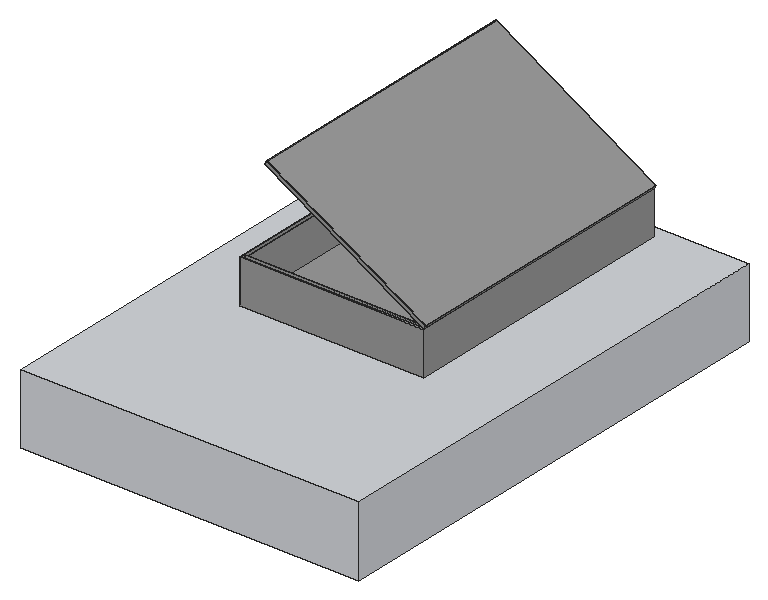
Revit family "Hager-Univers-IP44-D205-H1250-Cl.I-encl-DE-de", category Equipement électrique, Revit 2020
Family settings
  Hôte = Face
  Configuration du panneau = Deux colonnes, circuits au sein
  Cote de connecteur circulaire = Utiliser le diamètre
  Type d'élément = Tableau de raccordement
  Couper avec des vides une fois chargée = Non
  Partagée = Non
  Point de calcul de pièce = Non
Parameters (values of type "Aufputz IP44 B800 H1250 T205  - FP83TN2")
  Width Control [instance] = if([EF000008 - Breite] > Min Width, [EF000008 - Breite], Min Width)  # 800 mm
  Commentaires du type = [HG000003 - Bereich]  # "Univers"
  Thickness Door [instance] = if([EF009171 - Materialstärke Tür/Deckel] > 3 mm, 3 mm, [EF009171 - Materialstärke Tür/Deckel])  # 1 mm
  Seal Frame Offset [instance] = 17 mm  # constant formula
  Plinth Visibility [instance] = [HG000027 - Sockelhöhe] > 0 mm  # no
  Model = ""
  Min Width [instance] = 100 mm  # constant formula
  Min Height [instance] = 100 mm  # constant formula
  Min Depth [instance] = (2 * [EF009170 - Materialstärke Gehäuse]) + 1 mm  # 3 mm
  Internal Frame Depth [instance] = (Door System Depth * 0.5)  # 9 mm
  Height Control [instance] = if([EF000040 - Höhe] > Min Height, [EF000040 - Höhe], Min Height)  # 1250 mm
  HG000027 - Sockelhöhe = 0 mm
  HG000026 - Stehend auf dem Boden = no
  HG000024 - Höhe des unteren Teils = 800 mm
  HG000023 - Gehäuse mit doppeltem Querschnitt = no
  HG000016 - 3D-Türsichtbarkeit [instance] = yes
  HG000015 - Sichtbarkeit der Türöffnung [instance] = no
  HG000014 - Tür rechts [instance] = yes
  HG000013 - Tür links [instance] = not([HG000014 - Tür rechts])  # no
  HG000012 - Türschwenkwinkel [instance] = 30.00°
  HG000010 - Asymmetrische Türen = no
  HG000009 - Doppelflügeligen Tür = no
  HG000006 - Unterputz = no
  HG000004 - Herstellerreferenz = "FP83TN2"
  HG000003 - Bereich = "Univers"
  HG000002 - Mit tür = yes
  Frame Offset Bottom [instance] = 10 mm  # constant formula
  Frame Offset [instance] = 15 mm  # constant formula
  EF015940 - Deckel mit Überdruckentlastung = no
  EF011959 - Schutzart (NEMA) = ""
  EF009554 - Anzahl der Öffnungen für Flanschplatten = 6
  Fabricant = "Hager"  # constant formula
  EF009212 - Ausführung Deckel = "EV000116 - geschlossen"
  EF009171 - Materialstärke Tür/Deckel = 1 mm
  EF009170 - Materialstärke Gehäuse = 1 mm
  EF008873 - Nennstrom (In) = 250 A
  EF007800 - Geeignet für Blitzschutz = no
  EF006306 - Mit Schloss = no
  EF006244 - Transparenter Deckel/Tür = no
  EF005474 - Schutzart (IP) = "EV006418 - IP44"
  EF004464 - Art der Tür = "EV002646 - Einzel"
  EF004427 - Anzahl der Module = 288
  EF004293 - Schlagfestigkeit = "EV006815 - IK09"
  EF003532 - Geeignet für Außengebrauch = no
  EF002950 - Breite in Teilungseinheiten = 36
  EF001613 - Funktionserhalt = "EV000494 - ohne"
  EF001596 - Werkstoff des Gehäuses = "EV000179 - Stahl"
  EF001131 - Innentiefe = 130 mm
  EF001088 - Anbaumöglichkeit = yes
  EF000437 - Anzahl der Leitungseinführungen = 6
  EF000339 - Art der Abdeckung = "EV001012 - Deckel"
  EF000266 - Anzahl der Reihen = 8
  EF000218 - Einbautiefe = 205 mm
  EF000118 - Mit Montageplatte = no
  EF000116 - RAL-Nummer = "9010"
  EF000049 - Tiefe = 205 mm
  EF000040 - Höhe = 1250 mm
  EF000008 - Breite = 800 mm
  EF000007 - Farbe = "EV000202 - weiß"
  EF000003 - Montageart = "EV000384 - Aufputz"
  Door System Leaf Tolerance [instance] = 1.5 mm  # constant formula
  Door System Depth [instance] = 18 mm  # constant formula
  Door Height [instance] = Height Control - [HG000027 - Sockelhöhe]  # 1250 mm
  Depth Control [instance] = if([EF000049 - Tiefe] > Min Depth, [EF000049 - Tiefe], Min Depth)  # 205 mm
  Default Elevation = 0 mm
  Connector Offset [instance] = Height Control / 2  # 625 mm
  Bottom Top Plate Trim [instance] = 1.5 mm  # constant formula
  Plinth height Ctrl [instance] = if([HG000027 - Sockelhöhe] > 0 mm, [HG000027 - Sockelhöhe], 12 mm)  # 12 mm
Types (9, lengths in mm): name | Width Control | HG000010 - Asymmetrische Türen | HG000009 - Doppelflügeligen Tür | HG000004 - Herstellerreferenz | EF009554 - Anzahl der Öffnungen für Flanschplatten | EF004464 - Art der Tür | EF004427 - Anzahl der Module | EF002950 - Breite in Teilungseinheiten | EF000437 - Anzahl der Leitungseinführungen | EF000008 - Breite
  Aufputz IP44 B1050 H1250 T205  - FP84TN2 | 1050 | no | yes | "FP84TN2" | 8 | "EV003602 - Doppel" | 384 | 48 | 8 | 1050
  Aufputz IP44 B1300 H1250 T205  - FP85TN | 1300 | no | yes | "FP85TN" | 10 | "EV003602 - Doppel" | 480 | 60 | 10 | 1300
  Aufputz IP44 B1300 H1250 T205  - FP85TN2 | 1300 | yes | yes | "FP85TN2" | 10 | "EV003602 - Doppel" | 480 | 60 | 10 | 1300
  Aufputz IP44 B300 H1250 T205  - FP81TN | 300 | no | no | "FP81TN" | 2 | "EV002646 - Einzel" | 96 | 12 | 2 | 300
  Aufputz IP44 B300 H1250 T205  - FP81TN2 | 300 | no | no | "FP81TN2" | 2 | "EV002646 - Einzel" | 96 | 12 | 2 | 300
  Aufputz IP44 B550 H1250 T205  - FP82TN | 550 | no | no | "FP82TN" | 4 | "EV002646 - Einzel" | 192 | 24 | 4 | 550
  Aufputz IP44 B550 H1250 T205  - FP82TN2 | 550 | no | no | "FP82TN2" | 4 | "EV002646 - Einzel" | 192 | 24 | 4 | 550
  Aufputz IP44 B800 H1250 T205  - FP83TN | 800 | no | no | "FP83TN" | 6 | "EV002646 - Einzel" | 288 | 36 | 6 | 800
  Aufputz IP44 B800 H1250 T205  - FP83TN2 | 800 | no | no | "FP83TN2" | 6 | "EV002646 - Einzel" | 288 | 36 | 6 | 800
Reference planes
  plane 1 "Center (Front/Back)": y = 0
  plane 2: z = 0
  plane 3 "Center (Left/Right)": x = 0
  plane 4: z = 205
  plane 5: y = 1
  plane 6: y = 625
  plane 7: y = 0
  plane 8: y = 1250
  plane 9: z = 0
  plane 10: x = -385
  plane 11: x = 385
  plane 12: x = 384
  plane 13: x = -384
  plane 14: y = 1249
  plane 15: x = -383
  plane 16: x = -400
  plane 17: x = 383
  plane 18: x = 400
  plane 19: x = 399
  plane 20: x = -399
  plane 21: y = 11
  plane 22: y = 1250
  plane 23: y = 1234
  plane 24: z = 187
  plane 25: z = 1
  plane 26: z = 186
  plane 27: z = 204
Forms (mm)
  Extrusion 1, solid
    sketch origin (0, 0, 0) x (1, 0, 0) y (0, 1, 0)
      loop
        line (-702.964, 1305) -> (-702.964, -811.445) -> (766.763, -811.445) -> (766.763, 1305) -> (-702.964, 1305)
    from 0 to -304.8
  Extrusion 2, solid, material "Hager_Steel_RAL7035_Light_Grey", visible <- "Plinth Visibility", detail levels medium+fine
    sketch origin (0, 0, 0) x (1, 0, 0) y (0, 1, 0)
      loop
        line (-400, 0) -> (400, 0) -> (400, 12) -> (-400, 12) -> (-400, 0)
    from 0 to 187
  Extrusion 3, solid, material "Hager_Steel_RAL7035_Light_Grey", detail levels medium+fine
    sketch origin (0, 0, 0) x (1, 0, 0) y (0, 1, 0)
      loop
        line (-400, 0) -> (400, 0) -> (400, 1250) -> (-400, 1250) -> (-400, 0)
    from 0 to 187
  Extrusion 4, void
    sketch origin (0, 0, 0) x (1, 0, 0) y (0, 1, 0)
      loop
        line (-399, 1) -> (399, 1) -> (399, 1249) -> (-399, 1249) -> (-399, 1)
    from 1 to 186
  Extrusion 5, void
    sketch origin (-381.607, -4572, 187) x (0, -1, 0) y (-1, 0, 0)
      loop
        line (-4583, 2.393) -> (-5806, 2.393) -> (-5806, -765.607) -> (-4583, -765.607) -> (-4583, 2.393)
    from 0 to 1 <- "EF009170 - Materialstärke Gehäuse"
  Extrusion 6, solid, material "Hager_Steel_RAL7035_Light_Grey", detail levels fine
    sketch origin (0, 0, 187) x (1, 0, 0) y (0, 1, 0)
      loop
        line (-384, 1234) -> (-384, 11) -> (384, 11) -> (384, 1234) -> (-384, 1234)
      loop
        line (-385, 10) -> (385, 10) -> (385, 1235) -> (-385, 1235) -> (-385, 10)
    from 0 to 9 <- "Internal Frame Depth"
  Extrusion 7, solid, material "Hager_Steel_RAL7035_Light_Grey", detail levels coarse
    sketch origin (0, 0, 0) x (1, 0, 0) y (0, 1, 0)
      loop
        line (-400, 0) -> (400, 0) -> (400, 1250) -> (-400, 1250) -> (-400, 0)
    from 0 to 205
  Sweep 8, void
    path in 3D
      loop
        line (-400, 12, 0) -> (400, 12, 0) -> (400, 12, 187) -> (-400, 12, 187) -> (-400, 12, 0)
    profile origin (-400, 12, 93.5) x (-1, 0, 0) y (0, -1, 0)
      loop
        line (0, 0) -> (0, 1.5) -> (-1.5, 1.5)
        arc (-1.5, 1.5) -> (-1.061, 0.439) -> (0, 0) r 1.5
Cuts and joins
  Extrusion 4, Extrusion 5 cuts Extrusion 3
  Sweep 8 cuts Extrusion 2
Lines and regions (mm)
  Masking region 1
    outline origin (0, 0, 0) x (1, 0, 0) y (0, 0, 1)
      loop
        line (-400, 205) -> (-400, 0) -> (400, 0) -> (400, 205) -> (-400, 205)
  Masking region 2, detail levels medium+fine
    outline origin (0, 140, 0) x (0, 1, 0) y (0, 0, 1)
      loop
        line (-140, 0) -> (1110, 0) -> (1110, 187) -> (-140, 187) -> (-140, 0)
  Masking region 3, not visible, detail levels medium+fine
    outline origin (0, 297.922, 0) x (0, 1, 0) y (0, 0, 1)
      loop
        line (338.578, 0) -> (378.578, 0) -> (378.578, 194)
        arc (378.578, 194) -> (375.649, 201.071) -> (368.578, 204) r 10
        line (368.578, 204) -> (338.578, 204) -> (338.578, 0)
  Masking region 4, detail levels coarse
    outline origin (0, 0, 180) x (0, 1, 0) y (0, 0, 1)
      loop
        line (0, -180) -> (1250, -180) -> (1250, 25) -> (0, 25) -> (0, -180)
  Masking region 5, visible <- "Plinth Visibility", detail levels medium+fine
    outline origin (0, 52.24, 12.345) x (0, 0, -1) y (0, 1, 0)
      loop
        line (10.845, -40.24) -> (-173.155, -40.24)
        arc (-173.155, -40.24) -> (-173.594, -41.301) -> (-174.655, -41.74) r 1.5
        line (-174.655, -41.74) -> (-174.655, -52.24) -> (12.345, -52.24) -> (12.345, -41.74)
        arc (12.345, -41.74) -> (11.285, -41.301) -> (10.845, -40.24) r 1.5
  Masking region 6, detail levels medium+fine
    outline origin (-381.607, -4572, 187) x (-1, 0, 0) y (0, -1, 0)
      loop
        line (18.393, -5822) -> (18.393, -4572) -> (-781.607, -4572) -> (-781.607, -5822) -> (18.393, -5822)
  Masking region 7, visible <- "Plinth Visibility", detail levels medium+fine
    outline origin (-381.607, -4727, 187) x (-1, 0, 0) y (0, -1, 0)
      loop
        arc (16.893, -4739) -> (17.332, -4737.939) -> (18.393, -4737.5) r 1.5
        line (18.393, -4737.5) -> (18.393, -4727) -> (-781.607, -4727) -> (-781.607, -4737.5)
        arc (-781.607, -4737.5) -> (-780.546, -4737.939) -> (-780.107, -4739) r 1.5
        line (-780.107, -4739) -> (16.893, -4739)
  Masking region 8, detail levels coarse
    outline origin (-442.548, -4669.526, 187) x (-1, 0, 0) y (0, -1, 0)
      loop
        line (-42.548, -5919.526) -> (-42.548, -4669.526) -> (-842.548, -4669.526) -> (-842.548, -5919.526) -> (-42.548, -5919.526)
  sketch lines
    curve 1: line (-400, 12, 187) -> (-400, 12, 0)
    curve 2: line (400, 12, 187) -> (-400, 12, 187)
    curve 3: line (400, 12, 187) -> (400, 12, 0)
    curve 4: line (-400, 12, 0) -> (400, 12, 0)
Dimensions and locks
  "Depth Control": plane 4 to Extrusion 1
  "HG000027 - Sockelhöhe": plane 1 "Center (Front/Back)" to plane 7
  "EF009170 - Materialstärke Gehäuse": plane 5 to plane 7
  locked: connector elem to plane 3 "Center (Left/Right)"
  equal spacing: plane 8, plane 6, plane 7
  locked: connector elem to plane 6
  "EF009170 - Materialstärke Gehäuse": plane 8 to plane 14
  "EF009170 - Materialstärke Gehäuse": plane 10 to plane 13
  "EF009170 - Materialstärke Gehäuse": plane 12 to plane 11
  "Frame Offset": plane 20 to plane 13
  "Frame Offset": plane 12 to plane 19
  "EF009170 - Materialstärke Gehäuse": plane 16 to plane 20
  "EF009170 - Materialstärke Gehäuse": plane 19 to plane 18
  "Seal Frame Offset": plane 16 to plane 15
  "Seal Frame Offset": plane 17 to plane 18
  "Frame Offset Bottom": plane 21 to plane 5
  "Frame Offset": plane 14 to plane 23
  equal spacing: plane 16, plane 3 "Center (Left/Right)", plane 18
  "Width Control": plane 16 to plane 18
  "EF009170 - Materialstärke Gehäuse": plane 4 to plane 27
  "EF009170 - Materialstärke Gehäuse": plane 24 to plane 26
  "EF009170 - Materialstärke Gehäuse": plane 25 to level
  "Door System Depth": plane 4 to plane 24
  "Height Control": plane 1 "Center (Front/Back)" to Extrusion 7 sketch curve
  "Height Control": Masking region 4 sketch curve to plane 1 "Center (Front/Back)"
  "Height Control": plane 1 "Center (Front/Back)" to plane 22
  "Bottom Top Plate Trim": profile plane to Sweep 8 sketch curve
  "Bottom Top Plate Trim": Sweep 8 sketch curve to profile plane
  "Plinth height Ctrl": plane 1 "Center (Front/Back)" to Extrusion 2 sketch curve
  "Plinth height Ctrl": Masking region 5 sketch curve to plane 1 "Center (Front/Back)"
  "Plinth height Ctrl": plane 1 "Center (Front/Back)" to Masking region 7 sketch curve
  "Thickness Door": Extrusion 6 sketch curve to Extrusion 6 sketch curve  (x3)
  "Thickness Door": cut or joined group of Extrusion 3, Extrusion 4, Extrusion 5 to Extrusion 6 sketch curve
  radius of Masking region 3 sketch curve = 10 mm
  "Bottom Top Plate Trim": radius of Masking region 5 sketch curve  (x2)
  "Bottom Top Plate Trim": radius of Sweep 8 sketch curve
  "Bottom Top Plate Trim": radius of Masking region 7 sketch curve  (x2)
  aligned and locked: plane 2 to Extrusion 1
  aligned and locked: level to Extrusion 1
  aligned and locked: level to Masking region 1 sketch curve
  aligned and locked: Masking region 1 sketch curve to plane 18
  aligned and locked: Masking region 1 sketch curve to plane 16
  aligned and locked: plane 7 to Masking region 2 sketch curve
  aligned and locked: level to Masking region 3 sketch curve
  aligned and locked: Masking region 3 sketch curve to plane 27
  aligned and locked: level to Masking region 2 sketch curve
  aligned and locked: plane 1 "Center (Front/Back)" to Extrusion 2 sketch curve
  aligned and locked: Extrusion 3 sketch curve to plane 7
  aligned and locked: plane 16 to Extrusion 3 sketch curve
  aligned and locked: plane 18 to Extrusion 3 sketch curve
  aligned and locked: plane 20 to Extrusion 4 sketch curve
  aligned and locked: plane 19 to Extrusion 4 sketch curve
  aligned and locked: Extrusion 4 sketch curve to plane 5
  aligned and locked: Extrusion 4 to plane 25
  aligned and locked: plane 26 to Extrusion 4
  aligned and locked: plane 24 to Extrusion 3
  aligned and locked: Extrusion 5 sketch curve to plane 21
  aligned and locked: Extrusion 5 sketch curve to plane 13
  aligned and locked: Extrusion 5 sketch curve to plane 12
  aligned and locked: plane 18 to Extrusion 7 sketch curve
  aligned and locked: plane 1 "Center (Front/Back)" to Extrusion 7 sketch curve
  aligned and locked: plane 16 to Extrusion 7 sketch curve
  aligned and locked: plane 4 to Extrusion 7
  aligned and locked: Extrusion 7 to level
  aligned and locked: level to Masking region 4 sketch curve
  aligned and locked: Masking region 4 sketch curve to plane 1 "Center (Front/Back)"
  aligned and locked: Masking region 4 sketch curve to plane 4
  aligned and locked: nested 1 to level
  aligned and locked: nested 1 to plane 16
  aligned and locked: plane 8 to Extrusion 3 sketch curve
  aligned and locked: plane 23 to Extrusion 5 sketch curve
  aligned and locked: plane 14 to Extrusion 4 sketch curve
  aligned and locked: Masking region 2 sketch curve to plane 8
  aligned and locked: level to Masking region 5 sketch curve
  aligned and locked: plane 16 to Extrusion 2 sketch curve
  aligned and locked: plane 18 to Extrusion 2 sketch curve
  aligned and locked: Masking region 5 sketch curve to plane 24
  aligned and locked: Masking region 2 sketch curve to plane 24
  aligned and locked: plane 24 to Extrusion 2
  aligned and locked: profile plane to Sweep 8 sketch curve  (x2)
  aligned and locked: Masking region 6 sketch curve to plane 18
  aligned and locked: Masking region 6 sketch curve to plane 22
  aligned and locked: Masking region 6 sketch curve to plane 16
  aligned and locked: plane 8 to plane 22
  aligned and locked: Masking region 6 sketch curve to plane 7
  aligned and locked: Masking region 7 sketch curve to plane 16
  aligned and locked: Masking region 7 sketch curve to plane 1 "Center (Front/Back)"
  aligned and locked: Masking region 7 sketch curve to plane 18
  aligned and locked: Masking region 8 sketch curve to plane 1 "Center (Front/Back)"
  aligned and locked: Masking region 8 sketch curve to plane 18
  aligned and locked: Masking region 8 sketch curve to plane 22
  aligned and locked: Masking region 8 sketch curve to plane 16
  aligned and locked: nested 2 to plane 7
  aligned and locked: plane 3 "Center (Left/Right)" to nested 2
  aligned and locked: nested 2 to plane 24
  aligned and locked: Extrusion 6 sketch curve to cut or joined group of Extrusion 3, Extrusion 4, Extrusion 5  (x4)
Automatic sketch dimensions
  Extrusion 1 sketch curve to Extrusion 1 sketch curve = 1469.727 mm
  Extrusion 1 sketch curve to Extrusion 1 sketch curve = 2116.445 mm
  Masking region 1 sketch curve to plane 4 = 0 mm
  plane 6 to Masking region 3 sketch curve = 11.5 mm
  Masking region 3 sketch curve to Masking region 3 sketch curve = 30 mm
  Masking region 5 sketch curve to plane 1 "Center (Front/Back)" = 0 mm
Nested families
  nested 1: "Hager_Enclosure_Symbol" at (-400, 0, 0) x (1, 0, 0) z (0, -1, 0), Height <- "Depth Control", Width <- "Width Control", type "Hager_Enclosure_Symbol"
    with Width_Ctrl 800 mm, Width 800 mm, Height_Ctrl 205 mm, Height 205 mm, A_Width_Int 13.453 mm, A_Width 161.438 mm, A_Height_Ctrl 179.375 mm, A_Height 179.375 mm
  nested 2: "EC000058_Univers_Door" at (0, 0, 187) x (1, 0, 0) z (0, 1, 0), Leaf_Tolerance <- "Door System Leaf Tolerance", Angle <- "HG000012 - Türschwenkwinkel", Door_Depth <- "Door System Depth", Door_Left <- "HG000013 - Tür links", Transparent <- "EF006244 - Transparenter Deckel/Tür", Assymetrical <- "HG000010 - Asymmetrische Türen", Width <- "Width Control", Clearance <- "HG000015 - Sichtbarkeit der Türöffnung", Double <- "HG000009 - Doppelflügeligen Tür", 3d_Door <- "HG000016 - 3D-Türsichtbarkeit", Lock_Visibility <- "EF006306 - Mit Schloss", Width_Ctrl <- "Width Control", Door_Right <- "HG000014 - Tür rechts", Door <- "HG000002 - Mit tür", Height <- "Door Height", Thickness <- "Thickness Door", type "EC000058_Univers_Door", detail levels medium+fine
    with min_wh 3 mm, Width_Ctrl 800 mm, Width 800 mm, Transparent no, Thickness 1 mm, Seal_Material Hager_Rubber, Lock_Visibility no, Lock_Material Hager_Plastic_RAL9005_Jet_Black, Leaf_Width 800 mm, Leaf_Tolerance_External_Sides 0 mm, Leaf_Tolerance 1.5 mm, Leaf_Offset 0 mm, Leaf_Height 1247 mm, Leaf_2_Width 800 mm, Leaf_2_Offset 400 mm, Leaf_1_Width 800 mm, Leaf_1_Offset 400 mm, Height_Ctrl 1250 mm, Height 1250 mm, Glass_Material Hager_Glass, Double_Clearance_Ctrl no, Double no, Door_Right_Ctrl yes, Door_Right yes, Door_Material Hager_Steel_RAL7035_Light_Grey, Door_Left_Ctrl no, Door_Left no, Door_Depth 18 mm, Door yes, Clearance_Material Hager_Clearance, Clearance_Depth 800 mm, Clearance_Ctrl no, Clearance no, Assymetrical no, Angle 30.00°, 3d_Door yes
Connectors
  electrical at (0, 625, 0)
    settings: on plane 9, index 1, voltage 0 V, apparent load 0 VA, apparent load phase1 0 VA, apparent load phase2 0 VA, apparent load phase3 0 VA, power factor 1, load classification "Other", number of poles 1, system type 30, power factor state 1, is connector primary yes, connector utility no, sub classification motor no, connector description ""
Definition of nested family "EC000058_Univers_Door"
  Parameters (values of type "EC000058_Univers_Door")
    min_wh [instance] = (2 * Thickness) + 1 mm  # 11 mm
    Width_Ctrl [instance] = 400 mm
    Width [instance] = 500 mm
    Transparent [instance] = yes
    Thickness [instance] = 5 mm
    Seal_Material [instance] = none
    Lock_Visibility [instance] = yes
    Lock_Material [instance] = none
    Leaf_Width [instance] = if((Width_Ctrl - 2 * Leaf_Tolerance_External_Sides) > 0 mm, (Width_Ctrl - 2 * Leaf_Tolerance_External_Sides), min_wh)  # 400 mm
    Leaf_Tolerance_External_Sides [instance] = 0 mm  # constant formula
    Leaf_Tolerance [instance] = 1.5 mm
    Leaf_Offset [instance] = 0 mm  # constant formula
    Leaf_Height [instance] = if((Height_Ctrl - 2 * Leaf_Tolerance) > 0 mm, (Height_Ctrl - 2 * Leaf_Tolerance), min_wh)  # 497 mm
    Leaf_2_Width [instance] = if(and(and(Double, Assymetrical), Door_Left), (Leaf_Width / 3) - (Leaf_Tolerance / 2), if(and(and(Double, Assymetrical), Door_Right), (Leaf_Width / 3) * 2 - (Leaf_Tolerance / 2), if(and(Double, not(Assymetrical)), (Leaf_Width / 2) - Leaf_Tolerance, Leaf_Width)))  # 400 mm
    Leaf_2_Offset [instance] = if(and(Double, Assymetrical), Leaf_2_Width / 2, if(and(Double, not(Assymetrical)), Leaf_Width / 4, Leaf_Width / 2))  # 200 mm
    Leaf_1_Width [instance] = if(and(and(Double, Assymetrical), Door_Right), (Leaf_Width / 3) - (Leaf_Tolerance / 2), if(and(and(Double, Assymetrical), Door_Left), (Width / 3) * 2 - (Leaf_Tolerance / 2), if(and(Double, not(Assymetrical)), (Leaf_Width / 2) - Leaf_Tolerance, Leaf_Width)))  # 400 mm
    Leaf_1_Offset [instance] = if(and(Double, Assymetrical), Leaf_1_Width / 2, if(and(Double, not(Assymetrical)), Leaf_Width / 4, Leaf_Width / 2))  # 200 mm
    Height_Ctrl [instance] = if(Height > min_wh, Height, min_wh)  # 500 mm
    Height [instance] = 500 mm
    Glass_Material [instance] = none
    Double_Clearance_Ctrl [instance] = and(Double, Clearance)  # no
    Double [instance] = no
    Door_Right_Ctrl [instance] = and(or(Door_Right, Double), Door)  # yes
    Door_Right [instance] = yes
    Door_Material [instance] = none
    Door_Left_Ctrl [instance] = and(or(Door_Left, Double), Door)  # no
    Door_Left [instance] = no
    Door_Depth [instance] = 30 mm
    Door [instance] = yes
    Default Elevation = 1219.2 mm
    Clearance_Material [instance] = none
    Clearance_Depth [instance] = if(Leaf_1_Width > Leaf_2_Width, Leaf_1_Width, Leaf_2_Width)  # 400 mm
    Clearance_Ctrl [instance] = and(not(Double), Clearance)  # yes
    Clearance [instance] = yes
    Assymetrical [instance] = yes
    Angle [instance] = 30.00°
    3d_Door [instance] = yes
  Reference planes
    plane 1 "Center (Front/Back)": y = 0
    plane 2 "Bottom": z = 0
    plane 3 "Center (Left/Right)": x = 0
    plane 4: z = 500
    plane 5: x = -200
    plane 6: x = 200
    plane 7: z = 500
    plane 8: x = -200
    plane 9: z = 0
    plane 10: x = 200
    plane 11: y = 0
    plane 12: z = 1.5
    plane 13: x = -600
    plane 14: y = -400
    plane 15: x = 600
    plane 16: x = 0
    plane 17: x = 0
    plane 18: x = -200
    plane 19: x = 200
    plane 20: z = 498.5
  Forms (mm)
    Extrusion 1, solid, material <- "Clearance_Material", visible <- "Double_Clearance_Ctrl"
      sketch origin (1200, 0, 0) x (1, 0, 0) y (0, 0, -1)
        loop
          line (-1800, -498.5) -> (-600, -498.5) -> (-600, 0) -> (-1800, 0) -> (-1800, -498.5)
      from 0 to -400
  Dimensions and locks
    equal spacing: plane 5, plane 3 "Center (Left/Right)", plane 6
    "Width_Ctrl": plane 5 to plane 6
    "Leaf_Offset": plane 5 to plane 8
    "Leaf_Offset": plane 6 to plane 10
    "Leaf_Offset": plane 9 to level
    "Leaf_Offset": plane 4 to plane 7
    "Height_Ctrl": plane 4 to level
    "Leaf_Tolerance": plane 12 to plane 9
    locked: plane 11 to plane 1 "Center (Front/Back)"
    "Leaf_1_Offset": plane 18 to plane 16
    "Leaf_2_Offset": plane 17 to plane 19
    "Leaf_1_Width": plane 13 to plane 8
    "Leaf_2_Width": plane 10 to plane 15
    "Clearance_Depth": plane 14 to plane 1 "Center (Front/Back)"
    "Leaf_Tolerance_External_Sides": plane 8 to plane 18
    "Leaf_Tolerance_External_Sides": plane 19 to plane 10
    "Leaf_Tolerance": plane 7 to plane 20
    aligned and locked: level to plane 2 "Bottom"
    aligned and locked: nested 1 to plane 16
    aligned and locked: nested 2 to plane 17
    aligned and locked: Extrusion 1 to plane 13
    aligned and locked: plane 15 to Extrusion 1
    aligned and locked: Extrusion 1 to plane 14
    aligned and locked: plane 12 to nested 1
    aligned and locked: nested 2 to plane 12
    aligned and locked: Extrusion 1 to plane 11
    aligned and locked: plane 20 to Extrusion 1
    aligned and locked: nested 2 to plane 11
    aligned and locked: nested 1 to plane 11
  Automatic sketch dimensions
    Extrusion 1 sketch curve to level = 0 mm
    plane 5 to Extrusion 1 sketch curve = 400 mm
    plane 6 to Extrusion 1 sketch curve = 400 mm
    Extrusion 1 sketch curve to plane 4 = 1.5 mm
  Nested families
    nested 1: "EC000058_Univers_Door_Leaf" at (0, 0, 1.5), Width <- "Leaf_1_Width", visible <- "Door_Left_Ctrl", Leaf_Height <- "Leaf_Height", Angle <- "Angle", 3d_Door <- "3d_Door", Transparent <- "Transparent", Clearance Material <- "Clearance_Material", Clearance <- "Clearance_Ctrl", Door_Material <- "Door_Material", Glass_Material <- "Glass_Material", Door_Depth <- "Door_Depth", Lock_Material <- "Lock_Material", Seal_Material <- "Seal_Material", Lock_Visibility <- "Lock_Visibility", Thickness <- "Thickness", type "EC000058_Univers_Door_Leaf"
      with Width 400 mm, Transparent_Glass_Offset 30 mm, Transparent_Ctrl yes, Transparent yes, Thickness 5 mm, Standard no, Seal_Material none, Seal_D2 8 mm, Seal_D1 1 mm, Offset_Internal_Frame 10 mm, Lock_Width 20 mm, Lock_Visibility_3d yes, Lock_Visibility yes, Lock_Thickness_3 3 mm, Lock_Thickness_2 1 mm, Lock_Thickness_1 3 mm, Lock_Radius_Offset_2 16 mm, Lock_Radius_Offset_1 15 mm, Lock_Radius_2 5 mm, Lock_Radius 6 mm, Lock_Offset 5 mm, Lock_Material none, Lock_Height 80 mm, Lock_Cover_Top_Offset_2d 17 mm, Lock_Cover_Height -65 mm, Leaf_Height 497 mm, Internal_Seal_Thickness 8 mm, Internal_Seal_Depth_2 4.5 mm, Internal_Frame_Depth 25 mm, Glass_Thickness -1 mm, Glass_Offset -2 mm, Glass_Material none, Door_Material none, Door_Depth 30 mm, Clearance Material none, Clearance yes, Angle_Ctrl 30.00°, Angle 30.00°, 3d_Door yes
    nested 2: "EC000058_Univers_Door_Leaf" at (0, 0, 1.5) x (-1, 0, 0) z (0, 0, 1), Width <- "Leaf_2_Width", visible <- "Door_Right_Ctrl", Leaf_Height <- "Leaf_Height", Angle <- "Angle", 3d_Door <- "3d_Door", Transparent <- "Transparent", Clearance Material <- "Clearance_Material", Clearance <- "Clearance_Ctrl", Door_Material <- "Door_Material", Glass_Material <- "Glass_Material", Door_Depth <- "Door_Depth", Lock_Material <- "Lock_Material", Seal_Material <- "Seal_Material", Lock_Visibility <- "Lock_Visibility", Thickness <- "Thickness", type "EC000058_Univers_Door_Leaf"
      with Width 400 mm, Transparent_Glass_Offset 30 mm, Transparent_Ctrl yes, Transparent yes, Thickness 5 mm, Standard no, Seal_Material none, Seal_D2 8 mm, Seal_D1 1 mm, Offset_Internal_Frame 10 mm, Lock_Width 20 mm, Lock_Visibility_3d yes, Lock_Visibility yes, Lock_Thickness_3 3 mm, Lock_Thickness_2 1 mm, Lock_Thickness_1 3 mm, Lock_Radius_Offset_2 16 mm, Lock_Radius_Offset_1 15 mm, Lock_Radius_2 5 mm, Lock_Radius 6 mm, Lock_Offset 5 mm, Lock_Material none, Lock_Height 80 mm, Lock_Cover_Top_Offset_2d 17 mm, Lock_Cover_Height -65 mm, Leaf_Height 497 mm, Internal_Seal_Thickness 8 mm, Internal_Seal_Depth_2 4.5 mm, Internal_Frame_Depth 25 mm, Glass_Thickness -1 mm, Glass_Offset -2 mm, Glass_Material none, Door_Material none, Door_Depth 30 mm, Clearance Material none, Clearance yes, Angle_Ctrl 30.00°, Angle 30.00°, 3d_Door yes
  Definition of nested family "EC000058_Univers_Door_Leaf"
    Parameters (values of type "EC000058_Univers_Door_Leaf")
      Width [instance] = 2000 mm
      Transparent_Glass_Offset [instance] = 30 mm
      Transparent_Ctrl [instance] = and(Transparent, [3d_Door])  # yes
      Transparent [instance] = yes
      Thickness [instance] = 5 mm
      Standard [instance] = and(not(Transparent), [3d_Door])  # no
      Seal_Material [instance] = none
      Seal_D2 [instance] = 8 mm  # constant formula
      Seal_D1 [instance] = 1 mm  # constant formula
      Offset_Internal_Frame [instance] = 10 mm  # constant formula
      Lock_Width [instance] = 20 mm  # constant formula
      Lock_Visibility_3d [instance] = and(Lock_Visibility, [3d_Door])  # yes
      Lock_Visibility [instance] = yes
      Lock_Thickness_3 [instance] = 3 mm  # constant formula
      Lock_Thickness_2 [instance] = 1 mm  # constant formula
      Lock_Thickness_1 [instance] = 3 mm  # constant formula
      Lock_Radius_Offset_2 [instance] = Lock_Radius_Offset_1 + 1 mm  # 16 mm
      Lock_Radius_Offset_1 [instance] = 15 mm  # constant formula
      Lock_Radius_2 [instance] = Lock_Radius - 1 mm  # 5 mm
      Lock_Radius [instance] = 6 mm  # constant formula
      Lock_Offset [instance] = 5 mm  # constant formula
      Lock_Material [instance] = none
      Lock_Height [instance] = 80 mm  # constant formula
      Lock_Cover_Top_Offset_2d [instance] = Lock_Radius_Offset_2 + 1 mm  # 17 mm
      Lock_Cover_Height [instance] = -(Lock_Height - Lock_Radius_Offset_1)  # -65 mm
      Leaf_Height [instance] = 2720.336 mm
      Internal_Seal_Thickness [instance] = 8 mm  # constant formula
      Internal_Seal_Depth_2 [instance] = 4.5 mm  # constant formula
      Internal_Frame_Depth [instance] = if(Door_Depth - Thickness > 5 mm, Door_Depth - Thickness, 5 mm)  # 25 mm
      Glass_Thickness [instance] = if(Thickness > 15 mm, Glass_Offset + 10 mm, -1 mm)  # -1 mm
      Glass_Offset [instance] = if(Thickness > 15 mm, -(Thickness + 10 mm) / 2, -2 mm)  # -2 mm
      Glass_Material [instance] = none
      Door_Material [instance] = none
      Door_Depth [instance] = 30 mm
      Default Elevation = 0 mm
      Clearance Material [instance] = none
      Clearance [instance] = yes
      Angle_Ctrl [instance] = if(Angle > 180.00°, 180.00°, Angle)  # 90.00°
      Angle [instance] = 90.00°
      3d_Door [instance] = yes
    Reference planes
      plane 1 "Center (Front/Back)": y = 0
      plane 2: z = 0
      plane 3 "Center (Left/Right)": x = 0
      plane 4: y = 2000
      plane 5: x = -1000
      plane 6: x = 1000
      plane 7: x = -3000
      plane 8: z = 2720.336
      plane 9: z = 30
      plane 10: z = 2690.336
      plane 11: x = 970
      plane 12: x = -970
      plane 13: y = -3
      plane 14: z = 107.833
      plane 15: y = -5
      plane 16: y = -223.314
      plane 17: x = -1000
      plane 18: z = 1360.168
      plane 19: y = 30
    Forms (mm)
      Extrusion 1, solid, material <- "Clearance Material", visible <- "Clearance"
        sketch origin (0, 0, 0) x (1, 0, 0) y (0, 0, 1)
          loop
            line (-3000, 2720.336) -> (-3000, 0) -> (1000, 0) -> (1000, 2720.336) -> (-3000, 2720.336)
        from 0 to -2000
      Extrusion 2, solid, material <- "Door_Material", visible <- "Standard", detail levels medium+fine
        sketch origin (-1000, 0, 0) x (0, 1, 0) y (-1, 0, 0)
          loop
            line (0, 30) -> (0, 25) -> (2000, 25) -> (2000, 30) -> (0, 30)
        from 0 to 2720.336 <- "Leaf_Height"
      Extrusion 3, solid, material <- "Door_Material", visible <- "Transparent_Ctrl", detail levels medium+fine
        sketch origin (-1000, 0, 0) x (0, 1, 0) y (-1, 0, 0)
          loop
            line (0, 25) -> (2000, 25) -> (2000, 30) -> (0, 30) -> (0, 25)
        from 0 to 2720.336 <- "Leaf_Height"
      Extrusion 4, void
        sketch origin (-1025, 2000, 0) x (0, 1, 0) y (0, 0, -1)
          loop
            line (-30, -2690.336) -> (-30, -30) -> (-1970, -30) -> (-1970, -2690.336) -> (-30, -2690.336)
        from 0 to 5 <- "Thickness"
      Sweep 5, solid, material <- "Seal_Material", visible <- "Transparent_Ctrl", detail levels fine
        path in 3D
          loop
            line (-1025, 30, 30) -> (-1025, 30, 2690.336) -> (-1025, 1970, 2690.336) -> (-1025, 1970, 30) -> (-1025, 30, 30)
        profile origin (-1025, 1000, 30) x (1, 0, 0) y (0, 0, 1)
          loop
            line (0, 0) -> (0, -8) -> (1, -8) -> (1, 0) -> (0, 0)
      Extrusion 6, solid, material <- "Glass_Material", visible <- "Transparent_Ctrl", detail levels medium+fine
        sketch origin (-1030, 0, 0) x (0, 1, 0) y (0, 0, -1)
          loop
            line (1970, -2690.336) -> (1970, -30) -> (30, -30) -> (30, -2690.336) -> (1970, -2690.336)
        from -2 <- "Glass_Offset" to -1 <- "Glass_Thickness"
      Extrusion 7, solid, material <- "Door_Material", visible <- "3d_Door", detail levels medium+fine
        sketch origin (-1025, 2000, 0) x (0, -1, 0) y (0, 0, -1)
          loop
            line (0, -2720.336) -> (2000, -2720.336) -> (2000, 0) -> (0, 0) -> (0, -2720.336)
          loop
            line (1995, -5) -> (5, -5) -> (5, -2715.336) -> (1995, -2715.336) -> (1995, -5)
        from 0 to 25 <- "Internal_Frame_Depth"
      Sweep 8, solid, material <- "Seal_Material", visible <- "Transparent_Ctrl", detail levels fine
        path in 3D
          loop
            line (-1025, 0, 0) -> (-1025, 2000, 0) -> (-1025, 2000, 2720.336) -> (-1025, 0, 2720.336) -> (-1025, 0, 0)
        profile origin (-1025, 0, 1360.168) x (1, 0, 0) y (0, 1, 0)
          loop
            line (0, 10) -> (2.975, 10)
            arc (2.975, 10) -> (4.053, 10.447) -> (4.5, 11.525) r 1.525
            line (4.5, 11.525) -> (4.5, 16.527)
            arc (4.5, 16.527) -> (4.069, 17.569) -> (3.027, 18) r 1.473
            line (3.027, 18) -> (0, 18) -> (0, 10)
      Extrusion 9, solid, material <- "Lock_Material", visible <- "Lock_Visibility_3d", detail levels fine
        sketch origin (-1030, 0, 0) x (0, 1, 0) y (0, 0, -1)
          loop
            arc (1993.5, -1400.168) -> (1994.561, -1399.729) -> (1995, -1398.668) r 1.5
            line (1995, -1398.668) -> (1995, -1320.168) -> (1975, -1320.168) -> (1975, -1398.668)
            arc (1975, -1398.668) -> (1975.439, -1399.729) -> (1976.5, -1400.168) r 1.5
            line (1976.5, -1400.168) -> (1993.5, -1400.168)
        from 3 <- "Lock_Thickness_1" to 0
      Blend 10, solid, material <- "Lock_Material", visible <- "Lock_Visibility_3d", detail levels fine
        base sketch origin (-1033, 0, 0) x (0, 1, 0) y (0, 0, -1)
          loop
            line (1975, -1320.168) -> (1975, -1398.668)
            arc (1975, -1398.668) -> (1975.439, -1399.729) -> (1976.5, -1400.168) r 1.5
            line (1976.5, -1400.168) -> (1993.5, -1400.168)
            arc (1993.5, -1400.168) -> (1994.561, -1399.729) -> (1995, -1398.668) r 1.5
            line (1995, -1398.668) -> (1995, -1320.168) -> (1975, -1320.168)
        top sketch origin (-1033, 0, 0) x (0, 1, 0) y (0, 0, -1)
          loop
            line (1976, -1320.168) -> (1976, -1398.668)
            arc (1976, -1398.668) -> (1976.146, -1399.022) -> (1976.5, -1399.168) r 0.5
            line (1976.5, -1399.168) -> (1993.5, -1399.168)
            arc (1993.5, -1399.168) -> (1993.854, -1399.022) -> (1994, -1398.668) r 0.5
            line (1994, -1398.668) -> (1994, -1320.168) -> (1976, -1320.168)
        from 0 to 1 <- "Lock_Thickness_2"
      Blend 11, solid, material <- "Lock_Material", visible <- "Lock_Visibility_3d", detail levels fine
        base sketch origin (-1034, 0, 0) x (0, 1, 0) y (0, 0, -1)
          loop
            line (1978, -1320.168) -> (1978, -1384.168)
            arc (1978, -1384.168) -> (1985, -1391.168) -> (1992, -1384.168) r 7
            line (1992, -1384.168) -> (1992, -1320.168) -> (1978, -1320.168)
        top sketch origin (-1034, 0, 0) x (0, 1, 0) y (0, 0, -1)
          loop
            line (1991, -1320.168) -> (1979, -1320.168) -> (1979, -1383.168)
            arc (1979, -1383.168) -> (1985, -1389.168) -> (1991, -1383.168) r 6
            line (1991, -1383.168) -> (1991, -1320.168)
        from 0 to 3 <- "Lock_Thickness_3"
      Extrusion 12, solid, material <- "Lock_Material", visible <- "Lock_Visibility_3d", detail levels fine
        sketch origin (-1030, 1975, 1320.168) x (1, 0, 0) y (0, -1, 0)
          loop
            line (-7, -19) -> (-7, -1) -> (0, -1) -> (0, 0) -> (-8, 0) -> (-8, -20) -> (0, -20) -> (0, -19) -> (-7, -19)
        from 0 to -65 <- "Lock_Cover_Height"
      Extrusion 13, void
        sketch origin (-1038, 1995, 1320.168) x (-1, 0, 0) y (0, 0, -1)
          loop
            line (-5, -65) -> (0, -65) -> (-5, -60) -> (-5, -65)
        from 0 to 20 <- "Lock_Width"
      Extrusion 14, void
        sketch origin (-1038, 1975, 1320.168) x (0, -1, 0) y (0, 0, -1)
          loop
            circle (-10, -15.995) r 6
          loop
            circle (-10, -15.995) r 5
        from 0 to 2
      Extrusion 15, solid, material <- "Lock_Material", visible <- "Lock_Visibility_3d", detail levels medium
        sketch origin (-1030, 0, 0) x (0, 1, 0) y (0, 0, -1)
          loop
            arc (1993.5, -1400.168) -> (1994.561, -1399.729) -> (1995, -1398.668) r 1.5
            line (1995, -1398.668) -> (1995, -1320.168) -> (1975, -1320.168) -> (1975, -1398.668)
            arc (1975, -1398.668) -> (1975.439, -1399.729) -> (1976.5, -1400.168) r 1.5
            line (1976.5, -1400.168) -> (1993.5, -1400.168)
        from 8 to 0
    Cuts and joins
      Extrusion 4 cuts Extrusion 3
      Extrusion 13, Extrusion 14 cuts Extrusion 9
      Extrusion 14 cuts Blend 11
      Extrusion 13, Extrusion 14 cuts Extrusion 12
      joined: Extrusion 9, Blend 10, Blend 11, Extrusion 12
      Extrusion 14 cuts Extrusion 15
    Lines and regions (mm)
      Masking region 1, visible <- "Lock_Visibility", detail levels fine
        outline origin (0, 0, 0) x (0, 1, 0) y (0, 0, 1)
          loop
            line (30, 1320.168) -> (33, 1320.168) -> (33, 1400.168) -> (30, 1400.168) -> (30, 1320.168)
      Masking region 2, visible <- "Lock_Visibility", detail levels fine
        outline origin (0, 3.143, 0) x (0, 1, 0) y (0, 0, 1)
          loop
            line (29.857, 1354.168) -> (30.857, 1354.168) -> (30.857, 1366.168) -> (29.857, 1366.168) -> (29.857, 1354.168)
      Masking region 3, detail levels medium+fine
        outline origin (0, 0, 0) x (0, 1, 0) y (0, 0, 1)
          loop
            line (0, 0) -> (30, 0) -> (30, 2720.336) -> (0, 2720.336) -> (0, 0)
      Masking region 4, detail levels medium+fine
        outline origin (0, 0, 0) x (1, 0, 0) y (0, 0, 1)
          loop
            line (-1000, 2720.336) -> (-1000, 0) -> (1000, 0) -> (1000, 2720.336) -> (-1000, 2720.336)
      Masking region 5, visible <- "Lock_Visibility", detail levels fine
        outline origin (-47.116, 0, 0) x (1, 0, 0) y (0, 0, 1)
          loop
            arc (1024.616, 1399.168) -> (1023.556, 1398.729) -> (1023.116, 1397.668) r 1.5
            line (1023.116, 1397.668) -> (1023.116, 1320.168) -> (1041.116, 1320.168) -> (1041.116, 1397.668)
            arc (1041.116, 1397.668) -> (1040.677, 1398.729) -> (1039.616, 1399.168) r 1.5
            line (1039.616, 1399.168) -> (1024.616, 1399.168)
      Masking region 6, visible <- "Lock_Visibility", detail levels medium+fine
        outline origin (-25, 0, 0) x (1, 0, 0) y (0, 0, 1)
          loop
            arc (1001.5, 1400.168) -> (1000.439, 1399.729) -> (1000, 1398.668) r 1.5
            line (1000, 1398.668) -> (1000, 1320.168) -> (1020, 1320.168) -> (1020, 1398.668)
            arc (1020, 1398.668) -> (1019.561, 1399.729) -> (1018.5, 1400.168) r 1.5
            line (1018.5, 1400.168) -> (1001.5, 1400.168)
      Masking region 7, visible <- "Lock_Visibility", detail levels fine
        outline origin (-73.735, 0, 0) x (1, 0, 0) y (0, 0, 1)
          loop
            line (1051.735, 1382.168) -> (1065.735, 1382.168) -> (1065.735, 1384.168)
            arc (1065.735, 1384.168) -> (1058.735, 1391.168) -> (1051.735, 1384.168) r 7
            line (1051.735, 1384.168) -> (1051.735, 1382.168)
      Masking region 8, visible <- "Lock_Visibility", detail levels fine
        outline origin (-73.735, 0, 0) x (1, 0, 0) y (0, 0, 1)
          loop
            line (1052.735, 1382.168) -> (1064.735, 1382.168) -> (1064.735, 1383.168)
            arc (1064.735, 1383.168) -> (1058.735, 1389.168) -> (1052.735, 1383.168) r 6
            line (1052.735, 1383.168) -> (1052.735, 1382.168)
      Masking region 9, visible <- "Lock_Visibility", detail levels fine
        outline origin (-25, 0, 0) x (1, 0, 0) y (0, 0, 1)
          loop
            line (1020, 1320.168) -> (1020, 1382.168) -> (1000, 1382.168) -> (1000, 1320.168) -> (1020, 1320.168)
      Masking region 10, detail levels medium+fine
        outline origin (0, 0, 0) x (1, 0, 0) y (0, 0, 1)
          loop
            circle (985, 1335.144) r 6
      Masking region 11, detail levels fine
        outline origin (0, 0, 0) x (1, 0, 0) y (0, 0, 1)
          loop
            circle (985, 1335.144) r 5
      Masking region 12, visible <- "Lock_Visibility", detail levels fine
        outline origin (0, 12.767, 0) x (0, 1, 0) y (0, 0, 1)
          loop
            line (20.233, 1320.168) -> (21.233, 1320.168) -> (21.233, 1399.168) -> (20.233, 1400.168) -> (20.233, 1320.168)
      Masking region 13, visible <- "Lock_Visibility", detail levels fine
        outline origin (0, 13.767, -10) x (0, 1, 0) y (0, 0, 1)
          loop
            line (20.233, 1330.168) -> (23.233, 1330.168) -> (23.233, 1399.168) -> (20.233, 1402.168) -> (20.233, 1330.168)
      Masking region 14, visible <- "Lock_Visibility", detail levels fine
        outline origin (0, 12.767, -10) x (0, 1, 0) y (0, 0, 1)
          loop
            line (20.233, 1330.168) -> (25.233, 1330.168) -> (25.233, 1399.305) -> (20.233, 1394.305) -> (20.233, 1330.168)
      Masking region 15, visible <- "Lock_Visibility", detail levels medium
        outline origin (0, 0, 0) x (0, 1, 0) y (0, 0, 1)
          loop
            line (30, 1320.168) -> (38, 1320.168) -> (38, 1400.168) -> (30, 1400.168) -> (30, 1320.168)
      Masking region 16, visible <- "Lock_Visibility", detail levels fine
        outline origin (-1000, 0, 0) x (0, 1, 0) y (-1, 0, 0)
          loop
            line (1975, 30) -> (1995, 30) -> (1995, 38) -> (1975, 38) -> (1975, 30)
          loop
            line (1979, 37) -> (1976, 37) -> (1976, 34) -> (1978, 34) -> (1979, 37)
          loop
            line (1994, 37) -> (1991, 37) -> (1992, 34) -> (1994, 34) -> (1994, 37)
      Masking region 17, visible <- "Lock_Visibility", detail levels medium
        outline origin (-1000, 0, 0) x (0, 1, 0) y (-1, 0, 0)
          loop
            line (1975, 30) -> (1995, 30) -> (1995, 38) -> (1975, 38) -> (1975, 30)
      symbolic lines
        curve 1: line (1000, 0, 0) -> (-3000, 0, 0)
        curve 2: arc (1000, 0, 0) -> (-1000, 2000, 0) -> (-3000, 0, 0) r 2000
        curve 4: line (-1030, 0, 0) -> (-1030, 2000, 0)
      reference lines
        curve 3: line (-1000, 0, 0) -> (-1000, 2000, 0)
      symbolic lines, detail levels medium+fine
        curve 5: line (-1030, 2000, 0) -> (-1025, 2000, 0)
        curve 7: line (-1025, 0, 0) -> (-1030, 0, 0)
        curve 8: line (-1025, 0, 0) -> (-1000, 0, 0)
        curve 9: line (-1000, 0, 0) -> (-1000, 2000, 0)
        curve 10: line (-1000, 2000, 0) -> (-1025, 2000, 0)
      symbolic lines, detail levels fine
        curve 6: line (-1025, 2000, 0) -> (-1025, 0, 0)
      sketch lines
        curve 11: line (-1025, 0, 2720.336) -> (-1025, 0, 0)
        curve 12: line (-1025, 2000, 0) -> (-1025, 0, 0)
        curve 13: line (-1025, 2000, 2720.336) -> (-1025, 2000, 0)
        curve 14: line (-1025, 0, 2720.336) -> (-1025, 2000, 2720.336)
        curve 15: line (-1025, 1970, 30) -> (-1025, 30, 30)
        curve 16: line (-1025, 30, 30) -> (-1025, 30, 2690.336)
        curve 17: line (-1025, 1970, 2690.336) -> (-1025, 1970, 30)
        curve 18: line (-1025, 30, 2690.336) -> (-1025, 1970, 2690.336)
      symbolic lines, visible <- "Transparent", detail levels medium+fine
        curve 19: line (-970, 0, 2690.336) -> (970, 0, 2690.336)
        curve 20: line (-970, 0, 30) -> (-970, 0, 2690.336)
        curve 21: line (970, 0, 30) -> (-970, 0, 30)
        curve 22: line (970, 0, 2690.336) -> (970, 0, 30)
    Dimensions and locks
      "Width": plane 1 "Center (Front/Back)" to plane 4
      equal spacing: plane 5, plane 3 "Center (Left/Right)", plane 6
      "Width": plane 5 to plane 6
      "Width": plane 7 to plane 5
      "Leaf_Height": plane 8 to level
      "Width": curve 5 to curve 3
      "Width": curve 3 to curve 3
      plane 8 to plane 10 = 30 mm
      plane 9 to level = 30 mm
      plane 12 to plane 5 = 30 mm
      plane 6 to plane 11 = 30 mm
      Extrusion 1 to Extrusion 4 sketch curve = 30 mm
      "Transparent_Glass_Offset": curve 3 to Extrusion 4 sketch curve
      "Transparent_Glass_Offset": Extrusion 4 sketch curve to cut or joined group of Extrusion 3, Extrusion 4  (x2)
      cut or joined group of Extrusion 3, Extrusion 4 to Extrusion 6 sketch curve = 30 mm
      "Transparent_Glass_Offset": cut or joined group of Extrusion 3, Extrusion 4 to Extrusion 4 sketch curve
      "Thickness": curve 6 to curve 4
      "Thickness": Extrusion 7 sketch curve to Extrusion 7 sketch curve  (x4)
      "Door_Depth": curve 4 to curve 3
      "Offset_Internal_Frame": profile plane to Sweep 8 sketch curve
      "Internal_Seal_Thickness": Sweep 8 sketch curve to Sweep 8 sketch curve
      "Internal_Seal_Depth_2": profile plane to Sweep 8 sketch curve
      "Seal_D1": profile plane to Sweep 5 sketch curve
      "Seal_D2": profile plane to Sweep 5 sketch curve
      "Thickness": Extrusion 2 sketch curve to Extrusion 2 sketch curve
      equal spacing: Extrusion 9 sketch curve, plane 18, Extrusion 9 sketch curve  (x2)
      equal spacing: Masking region 1 sketch curve, plane 18, Masking region 1 sketch curve
      "Lock_Height": Masking region 1 sketch curve to Masking region 1 sketch curve
      "Lock_Radius": Masking region 2 sketch curve to plane 18 to Masking region 2 sketch curve
      Masking region 2 sketch curve to Masking region 1 = 1 mm
      "Door_Depth": plane 19 to plane 1 "Center (Front/Back)"
      "Lock_Thickness_1": Masking region 1 sketch curve to plane 19
      "Lock_Width": Extrusion 9 sketch curve to Extrusion 9 sketch curve
      "Lock_Height": Extrusion 9 sketch curve to Extrusion 9 sketch curve
      "Lock_Offset": cut or joined group of Extrusion 3, Extrusion 4 to Extrusion 9 sketch curve
      equal spacing: plane 8, plane 18, level
      "Lock_Radius_Offset_1": Blend 11 sketch curve to Blend 10
      locked: Blend 10 to Blend 11 sketch curve at 2  (x2)
      locked: var sketch to Blend 11 sketch curve at 1  (x2)
      "Lock_Radius_Offset_2": Blend 11 sketch curve to Blend 10
      locked: Extrusion 12 sketch curve to Extrusion 12 sketch curve at 1  (x3)
      Masking region 6 sketch curve to Masking region 6 sketch curve = 80 mm
      "Lock_Height": Masking region 6 sketch curve to Masking region 6 sketch curve
      "Lock_Width": Masking region 6 sketch curve to Masking region 6 sketch curve
      locked: Masking region 6 to Masking region 5 sketch curve at 1  (x3)
      locked: Masking region 5 to Masking region 7 sketch curve at 2  (x2)
      "Lock_Radius_Offset_1": Masking region 5 to Masking region 7 sketch curve
      "Lock_Radius_Offset_2": Masking region 5 to Masking region 8 sketch curve
      locked: Masking region 7 to Masking region 8 sketch curve at 1  (x2)
      "Lock_Cover_Top_Offset_2d": Masking region 5 to Masking region 9 sketch curve
      equal spacing: Masking region 9, Masking region 10 sketch curve, Masking region 9
      equal spacing: Masking region 9, Masking region 11 sketch curve, Masking region 9
      Extrusion 15 sketch curve to Extrusion 15 sketch curve = 80 mm
      "Lock_Width": Extrusion 15 sketch curve to Extrusion 15 sketch curve
      "Lock_Height": Extrusion 15 sketch curve to Extrusion 15 sketch curve
      equal spacing: Extrusion 15 sketch curve, plane 18, Extrusion 15 sketch curve
      "Lock_Thickness_3": Masking region 13 sketch curve to Masking region 13 sketch curve
      "Lock_Height": Masking region 12 sketch curve to Masking region 12 sketch curve
      locked: Masking region 13 sketch curve to Masking region 1 at 8
      locked: Masking region 14 sketch curve to Masking region 13 at 1
      locked: Masking region 14 sketch curve to Masking region 1 at 10.863
      "Lock_Height": Masking region 15 sketch curve to Masking region 15 sketch curve
      "Lock_Offset": Extrusion 15 sketch curve to cut or joined group of Extrusion 3, Extrusion 4
      "Lock_Offset": plane 6 to Masking region 6 sketch curve
      radius of Sweep 8 sketch curve = 1.525 mm
      radius of Sweep 8 sketch curve = 1.473 mm
      radius of Extrusion 9 sketch curve = 1.5 mm  (x2)
      "Lock_Radius": radius of Extrusion 14 sketch curve
      "Lock_Radius_2": radius of Extrusion 14 sketch curve
      "Lock_Radius": radius of Masking region 10 sketch curve
      "Lock_Radius_2": radius of Masking region 11 sketch curve
      radius of Extrusion 15 sketch curve = 1.5 mm  (x2)
      "Angle_Ctrl": angle plane 1 "Center (Front/Back)" to curve 3
      locked: Masking region 12 sketch curve to Masking region 12 sketch curve (angle 45.00°)
      locked: Masking region 13 sketch curve to Masking region 13 sketch curve (angle 45.00°)
      locked: Masking region 14 sketch curve to Masking region 14 sketch curve (angle 45.00°)
      aligned and locked: level to plane 2
      aligned and locked: Extrusion 1 to curve 1
      aligned and locked: plane 6 to Extrusion 1
      aligned and locked: Extrusion 1 to plane 1 "Center (Front/Back)"
      aligned and locked: plane 4 to Extrusion 1
      aligned and locked: plane 8 to Extrusion 1
      aligned and locked: curve 7 to Extrusion 2 sketch curve
      aligned and locked: curve 5 to Extrusion 2 sketch curve
      aligned and locked: curve 7 to Extrusion 3 sketch curve
      aligned and locked: Extrusion 3 sketch curve to curve 4
      aligned and locked: Extrusion 3 sketch curve to curve 6
      aligned and locked: Extrusion 3 sketch curve to curve 5
      aligned and locked: curve 9 to curve 3
      aligned and locked: Extrusion 7 sketch curve to cut or joined group of Extrusion 3, Extrusion 4  (x4)
      aligned and locked: plane 17 to curve 3
      aligned and locked: plane 1 "Center (Front/Back)" to curve 3
      aligned and locked: plane 17 to plane 5
      aligned and locked: Sweep 8 sketch curve to profile plane
      aligned and locked: Sweep 5 sketch curve to profile plane  (x2)
      aligned and locked: Masking region 1 to Masking region 2 sketch curve
      aligned and locked: plane 19 to Masking region 1 sketch curve
      aligned and locked: plane 1 "Center (Front/Back)" to Masking region 3 sketch curve
      aligned and locked: plane 19 to Masking region 3 sketch curve
      aligned and locked: level to Masking region 3 sketch curve
      aligned and locked: Masking region 3 sketch curve to plane 8
      aligned and locked: plane 17 to Masking region 4 sketch curve
      aligned and locked: level to Masking region 4 sketch curve
      aligned and locked: Masking region 4 sketch curve to plane 8
      aligned and locked: plane 12 to curve 20
      aligned and locked: plane 10 to curve 19
      aligned and locked: plane 11 to curve 22
      aligned and locked: curve 21 to plane 9
      aligned and locked: Extrusion 2 sketch curve to cut or joined group of Extrusion 3, Extrusion 4
      aligned and locked: Blend 10 sketch curve to Extrusion 9  (x4)
      aligned and locked: Extrusion 9 to Blend 10 sketch curve
      aligned and locked: Blend 10 to Blend 11 sketch curve
      aligned and locked: Extrusion 12 sketch curve to Blend 11
      aligned and locked: Extrusion 12 sketch curve to Extrusion 9  (x4)
      aligned and locked: Masking region 5 sketch curve to Masking region 6
      aligned and locked: Masking region 9 sketch curve to Masking region 6  (x3)
      aligned and locked: Masking region 12 sketch curve to Masking region 1
      aligned and locked: Masking region 13 sketch curve to Masking region 1
      aligned and locked: Masking region 12 to Masking region 14
      aligned and locked: Masking region 14 sketch curve to Masking region 1
      aligned and locked: Masking region 15 sketch curve to Masking region 14
      aligned and locked: Masking region 13 sketch curve to Masking region 12
      aligned and locked: Masking region 16 sketch curve to cut or joined group of Extrusion 14, Extrusion 15  (x4)
      aligned and locked: Masking region 16 sketch curve to cut or joined group of Extrusion 9, Blend 10, Blend 11, Extrusion 12, Extrusion 13, Extrusion 14  (x6)
      aligned and locked: cut or joined group of Extrusion 9, Blend 10, Blend 11, Extrusion 12, Extrusion 13, Extrusion 14 to Masking region 16 sketch curve
      aligned and locked: Masking region 17 sketch curve to cut or joined group of Extrusion 14, Extrusion 15  (x3)
      aligned and locked: Masking region 17 sketch curve to cut or joined group of Extrusion 9, Blend 10, Blend 11, Extrusion 12, Extrusion 13, Extrusion 14
      aligned and locked: Masking region 9 to Masking region 8 sketch curve
      aligned and locked: Masking region 9 to Masking region 7 sketch curve
    Automatic sketch dimensions
      plane 1 "Center (Front/Back)" to curve 2 = 0 mm
      curve 2 to plane 5 = 0 mm
      Extrusion 1 sketch curve to level = 0 mm
      Extrusion 1 sketch curve to plane 7 = 0 mm
      Extrusion 1 sketch curve to plane 6 = 0 mm
      Extrusion 1 sketch curve to plane 8 = 0 mm
      Extrusion 3 to Extrusion 6 sketch curve = 30 mm  (x4)
      Masking region 4 sketch curve to plane 6 = 0 mm
      Blend 10 sketch curve to Extrusion 9 = 1.5 mm
      Blend 10 sketch curve to Extrusion 9 = 1 mm
      Extrusion 13 sketch curve to Extrusion 12 = 0 mm  (x2)
      Extrusion 12 to Extrusion 13 sketch curve = 3 mm
      Extrusion 13 sketch curve to Extrusion 12 = 5 mm
      Extrusion 14 sketch curve to Extrusion 14 sketch curve = 0 mm  (x2)
      Extrusion 14 sketch curve to Extrusion 12 = 10 mm
      Extrusion 14 sketch curve to Extrusion 12 = 15.995 mm
      Masking region 5 sketch curve to Masking region 5 sketch curve = 1.5 mm  (x2)
      Masking region 10 sketch curve to plane 18 = 25.024 mm
      Masking region 11 sketch curve to plane 18 = 25.024 mm
      plane 19 to Masking region 14 sketch curve = 3 mm
      Masking region 16 sketch curve to Masking region 16 sketch curve = 3 mm
      curve 4 to curve 3 = 0 mm
      Blend 10 to Blend 11 sketch curve = 0 mm
      Masking region 6 sketch curve to Masking region 6 sketch curve = 1.5 mm  (x2)
      Masking region 6 sketch curve to plane 18 = 40 mm
      plane 19 to Masking region 12 sketch curve = 3 mm
      Masking region 12 sketch curve to Masking region 12 sketch curve = 1 mm
      Masking region 15 sketch curve to plane 19 = 0 mm
      Masking region 15 sketch curve to plane 18 = 40 mm
      radius of Blend 10 sketch curve to Extrusion 9 = 1 mm
Definition of nested family "Hager_Enclosure_Symbol"
  Parameters (values of type "Hager_Enclosure_Symbol")
    Width_Ctrl [instance] = if(Width > 1 mm, Width, 1 mm)  # 102.27 mm
    Width [instance] = 102.27 mm
    Height_Ctrl [instance] = if(Height > 1 mm, Height, 1 mm)  # 66.5 mm
    A_Width_Int [instance] = if(A_Width / 12 > 2 mm, A_Width / 12, 2 mm)  # 4.364 mm
    A_Width [instance] = if(A_Height_Ctrl * 0.9 > 2 mm, A_Height_Ctrl * 0.9, 2 mm)  # 52.369 mm
    A_Height_Ctrl [instance] = if(A_Height > 2 mm, A_Height, 2 mm)  # 58.188 mm
    Height [instance] = 66.5 mm
    A_Height [instance] = Height - (Height / 8)  # 58.188 mm
  Reference planes
    plane 1 "Centre (avant/arrière)": y = 0
    plane 2: z = 0
    plane 3 "Centre (gauche/droite)": x = 0
    plane 4: x = 52.369
    plane 5: y = 33.042
    plane 6: y = 41.77
    plane 7: y = 66.5
    plane 8: x = 26.184
    plane 9: y = 37.406
    plane 10: x = 102.27
    plane 11: y = 66.5
    plane 12: y = 8.313
  Lines and regions (mm)
    Filled region 1, type "Solid_Black", in view "Niveau de réf."
      outline origin (0, 0, 0) x (1, 0, 0) y (0, 1, 0)
        loop
          line (52.369, 66.5) -> (33.188, 54.536) -> (45.365, 45.006) -> (52.369, 66.5)
    Filled region 2, type "Solid_Black", in view "Niveau de réf."
      outline origin (0, 0, 0) x (1, 0, 0) y (0, 1, 0)
        loop
          line (0, 0) -> (102.27, 0) -> (102.27, 66.5) -> (0, 0)
    detail lines, in view "Niveau de réf."
      curve 1: line (0, 8.313, 0) -> (26.184, 41.77, 0)
      curve 2: line (26.184, 41.77, 0) -> (26.184, 33.042, 0)
      curve 3: line (26.184, 33.042, 0) -> (52.369, 66.5, 0)
  Dimensions and locks
    "A_Width": plane 3 "Centre (gauche/droite)" to plane 4
    equal spacing: plane 3 "Centre (gauche/droite)", plane 8, plane 4
    equal spacing: plane 6, plane 9, plane 5
    equal spacing: curve 3, Filled region 1 sketch curve, Filled region 1 sketch curve
    "Height_Ctrl": plane 1 "Centre (avant/arrière)" to plane 11
    "A_Height_Ctrl": plane 11 to plane 12
    equal spacing: plane 11, plane 9, plane 12
    "A_Width_Int": plane 6 to plane 9
    "Width_Ctrl": plane 3 "Centre (gauche/droite)" to plane 10
    angle Filled region 1 sketch curve to curve 3 = 20.00°
    angle curve 3 to Filled region 1 sketch curve = 20.00°
    locked: curve 3 to Filled region 1 sketch curve (angle 90.00°)
    aligned and locked: plane 10 to Filled region 2
    aligned and locked: plane 11 to Filled region 2 sketch curve
    aligned and locked: plane 10 to Filled region 2 sketch curve
    aligned and locked: plane 3 "Centre (gauche/droite)" to curve 1
    aligned and locked: plane 12 to curve 1
    aligned and locked: plane 7 to plane 11
  Automatic sketch dimensions
    Filled region 1 sketch curve to plane 4 = 0 mm
    Filled region 1 sketch curve to plane 7 = 0 mm
    plane 1 "Centre (avant/arrière)" to Filled region 2 sketch curve = 0 mm
    Filled region 2 sketch curve to plane 3 "Centre (gauche/droite)" = 0 mm
    curve 2 to plane 6 = 0 mm
    curve 2 to plane 8 = 0 mm
    curve 3 to plane 4 = 0 mm
    curve 2 to plane 5 = 0 mm
    curve 3 to plane 7 = 0 mm
